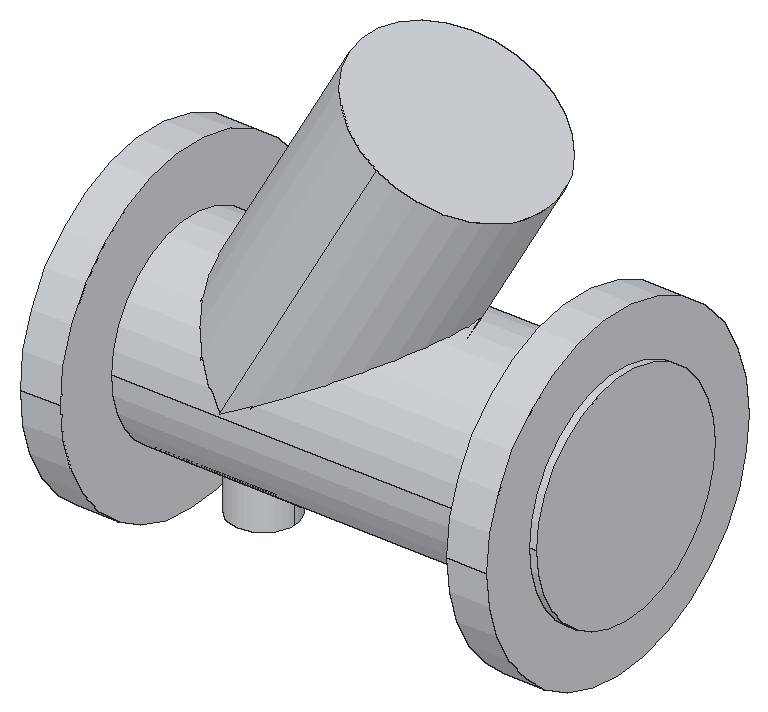
Revit family "HS 821-síto_jemné-PN25-DN125-RFA_2018", category Pipe Accessories, Revit 2018
Family settings
  Round Connector Dimension = Use Diameter
  Part Type = Breaks Into
  Work Plane-Based = No
  Always vertical = Yes
  Cut with Voids When Loaded = No
  Shared = No
Parameters (values of type "821D-DN125-PN25-síto_jemné")
  magiProductId = "77cc98d60da24855999a22dff726b2"
  magiProductFamilyId = "79214ac3aaa945e397802f559f5c1e"
  magiPartTypeId = 307
  isMeasuringValve [instance] = no
  ang2D [instance] = 0.00°
  ZB__ve = -ZB  # -42.5 mm
  ZB1 = 74.52 mm
  ZB = 42.5 mm
  X2 = 131.888 mm
  X1 = 56 mm
  W2D = 15 mm
  VersionID = "2.0/2017.9.26.1/ZETKAMA_821_001"
  Use Minimum Symbol Size [instance] = yes
  URL = "www.hydronic.cz"
  Type Comments = "Filtr přírubový; síto jemné; A-PN16 (-10~300°C); D-PN25 (-10~350°C); F-PN40 (-10~400°C)"
  S = 184 mm
  QmdConnectorList = "301;D;302;D"
  Productdata [instance] = ""
  Manufacturer = "Hydronic Systems Prague s.r.o."
  MC Product Code = "210 291 (821D; DN125; PN25; kvs268,8; oko síta 0,63mm)"
  LM1 = 32 mm
  LM = 320 mm
  L4 = 100 mm
  L2D_Min = 3048 mm
  L2D = 130 mm
  L2 = 200 mm
  HH2 = 228.438 mm
  FD = 270 mm
  Description = "Filtr přírubový; síto jemné; 821A-PN16; 821D-PN25; 821F-PN40"
  DM1 = 165 mm
  DM = 165.6 mm
  D = 125 mm
  CC = 6.8 mm
  CAT0 = yes
  C1 = 33.2 mm
  C = 40 mm
  BD = 52.164 mm
Types (40, lengths in mm): name | magiProductId | ZB__ve | ZB1 | ZB | X2 | X1 | S | MC Product Code | LM1 | LM | L4 | L2 | HH2 | FD | DM1 | DM | D | CC | C1 | C | BD
  821A-DN015-PN16-síto_jemné | "a71bcfe8b393460598b23e8ddf7dc5" | -16.25 | 18.63 | 16.25 | 46.982 | 18.2 | 46 | "210 115 (821A; DN015; PN16; kvs6,2; oko síta 0,63mm)" | 10.4 | 104 | 32.5 | 65 | 81.375 | 95 | 27.6 | 41.4 | 15 | 2.21 | 10.79 | 13 | 13.041
  821A-DN020-PN16-síto_jemné | "41cd6c7a12924f4991217528336076" | -17.75 | 22.68 | 17.75 | 51.673 | 21 | 56 | "210 120 (821A; DN020; PN16; kvs9,6; oko síta 0,63mm)" | 12 | 120 | 37.5 | 75 | 89.5 | 105 | 33.6 | 50.4 | 20 | 2.55 | 12.45 | 15 | 15.876
  821A-DN025-PN16-síto_jemné | "be378b463ed14c3abf4c9b3ae8cf3a" | -19.25 | 26.325 | 19.25 | 58.601 | 22.4 | 65 | "210 125 (821A; DN025; PN16; kvs14,2; oko síta 0,63mm)" | 12.8 | 128 | 40 | 80 | 101.5 | 115 | 43.2 | 58.5 | 25 | 2.72 | 13.28 | 16 | 18.427
  821A-DN032-PN16-síto_jemné | "227a0d18b21540afabe8b6067d35fa" | -23 | 30.78 | 23 | 68.849 | 25.2 | 76 | "210 132 (821A; DN032; PN16; kvs23,1; oko síta 0,63mm)" | 14.4 | 144 | 45 | 90 | 119.25 | 140 | 50.4 | 68.4 | 32 | 3.06 | 14.94 | 18 | 21.546
  821A-DN040-PN16-síto_jemné | "d106917c74724141a10440112d0102" | -24.5 | 34.02 | 24.5 | 75.777 | 28 | 84 | "210 140 (821A; DN040; PN16; kvs36,6; oko síta 0,63mm)" | 16 | 160 | 50 | 100 | 131.25 | 150 | 60 | 75.6 | 40 | 3.4 | 16.6 | 20 | 23.814
  821A-DN050-PN16-síto_jemné | "8255d456a09e4f6486734f5dd9171b" | -26.75 | 40.095 | 26.75 | 79.061 | 32.2 | 99 | "210 150 (821A; DN050 PN16; kvs53,7; oko síta 0,63mm)" | 18.4 | 184 | 57.5 | 115 | 136.938 | 165 | 73.8 | 89.1 | 50 | 3.91 | 19.09 | 23 | 28.066
  821A-DN065-PN16-síto_jemné | "235b1b3e4c0843779a4d5e3716d40a" | -29.75 | 47.79 | 29.75 | 86.927 | 40.6 | 118 | "210 165 (821A; DN065; PN16; kvs95,1; oko síta 0,63mm)" | 23.2 | 232 | 72.5 | 145 | 150.562 | 185 | 94.2 | 106.2 | 65 | 4.93 | 24.07 | 29 | 33.453
  821A-DN080-PN16-síto_jemné | "a067f7c5236348ed8c820d16df7214" | -32 | 53.46 | 32 | 104.753 | 43.4 | 132 | "210 180 (821A; DN080; PN16; kvs137,1; oko síta 0,63mm)" | 24.8 | 248 | 77.5 | 155 | 181.438 | 200 | 107.4 | 118.8 | 80 | 5.27 | 25.73 | 31 | 37.422
  821A-DN100-PN16-síto_jemné | "c49a648c2747461285837d643703cd" | -35 | 63.18 | 35 | 114.857 | 49 | 156 | "210 190 (821A; DN100; PN16; kvs206,4; oko síta 0,63mm)" | 28 | 280 | 87.5 | 175 | 198.937 | 220 | 131.4 | 140.4 | 100 | 5.95 | 29.05 | 35 | 44.226
  821A-DN125-PN16-síto_jemné | "bf68e728a163493cbd2a663b26ebdc" | -39.5 | 74.52 | 39.5 | 131.888 | 56 | 184 | "210 191 (821A; DN125; PN16; kvs268,8; oko síta 0,63mm)" | 32 | 320 | 100 | 200 | 228.438 | 250 | 165 | 165.6 | 125 | 6.8 | 33.2 | 40 | 52.164
  821A-DN150-PN16-síto_jemné | "2de770284b654863ae6bc865769dc5" | -44.75 | 85.455 | 44.75 | 155.885 | 67.2 | 211 | "210 192 (821A; DN150; PN16; kvs401,4; oko síta 0,63mm)" | 38.4 | 384 | 120 | 240 | 270 | 285 | 192 | 189.9 | 150 | 8.16 | 39.84 | 48 | 59.818
  821A-DN200-PN16-síto_jemné | "8e5693371ab64aabb29a7f08c76e15" | -53 | 107.73 | 53 | 188.361 | 84 | 266 | "210 193 (821A; DN200; PN16; kvs706,7; oko síta 0,63mm)" | 48 | 480 | 150 | 300 | 326.25 | 340 | 252 | 239.4 | 200 | 10.2 | 49.8 | 60 | 75.411
  821A-DN250-PN16-síto_jemné | "05e37ed948c34047acdd4c42556504" | -62.75 | 129.195 | 62.75 | 255.911 | 102.2 | 319 | "210 194 (821A; DN250; PN16; kvs1229,4; oko síta 0,63mm)" | 58.4 | 584 | 182.5 | 365 | 443.25 | 405 | 309.6 | 287.1 | 250 | 12.41 | 60.59 | 73 | 90.436
  821A-DN300-PN16-síto_jemné | "9ad0af747269428da925480d83ce80" | -71 | 149.85 | 71 | 325.914 | 119 | 370 | "210 195 (821A; DN300; PN16; kvs1902,4; oko síta 0,63mm)" | 68 | 680 | 212.5 | 425 | 564.5 | 460 | 369.6 | 333 | 300 | 14.45 | 70.55 | 85 | 104.895
  821A-DN350-PN16-síto_jemné | "eebc71459bb3451bb4355e7951370a" | -80 | 173.745 | 80 | 356.875 | 137.2 | 429 | "200 196 (821A; DN350; PN16; kvs2611,0; oko síta 0,63mm)" | 78.4 | 784 | 245 | 490 | 618.125 | 520 | 438 | 386.1 | 350 | 16.66 | 81.34 | 98 | 121.621
  821A-DN400-PN16-síto_jemné | "d2f677cb196647e385b2590e7d8abe" | -89 | 194.4 | 89 | 392.237 | 154 | 480 | "210 197 (821A; DN400; PN16; kvs3438,4; oko síta 0,63mm)" | 88 | 880 | 275 | 550 | 679.375 | 580 | 498 | 432 | 400 | 18.7 | 91.3 | 110 | 136.08
  821D-DN015-PN25-síto_jemné | "27ddcbf555414f8ca1fde329bf9087" | -16.25 | 18.63 | 16.25 | 46.982 | 18.2 | 46 | "210 215 (821D; DN015; PN25; kvs6,2; oko síta 0,63mm)" | 10.4 | 104 | 32.5 | 65 | 81.375 | 95 | 27.6 | 41.4 | 15 | 2.21 | 10.79 | 13 | 13.041
  821D-DN020-PN25-síto_jemné | "270e0f14012f47189cd0235c18faee" | -17.75 | 22.68 | 17.75 | 51.673 | 21 | 56 | "210 220 (821D; DN020; PN25; kvs9,6; oko síta 0,63mm)" | 12 | 120 | 37.5 | 75 | 89.5 | 105 | 33.6 | 50.4 | 20 | 2.55 | 12.45 | 15 | 15.876
  821D-DN025-PN25-síto_jemné | "b9a7fb4aa36643878c637d8e1ab992" | -19.25 | 26.325 | 19.25 | 58.601 | 22.4 | 65 | "210 225 (821D; DN025; PN25; kvs14,2; oko síta 0,63mm)" | 12.8 | 128 | 40 | 80 | 101.5 | 115 | 43.2 | 58.5 | 25 | 2.72 | 13.28 | 16 | 18.427
  821D-DN032-PN25-síto_jemné | "6be9a55c4e68400f94eec7e804204c" | -23 | 30.78 | 23 | 68.849 | 25.2 | 76 | "210 232 (821D; DN032; PN25; kvs23,1; oko síta 0,63mm)" | 14.4 | 144 | 45 | 90 | 119.25 | 140 | 50.4 | 68.4 | 32 | 3.06 | 14.94 | 18 | 21.546
  821D-DN040-PN25-síto_jemné | "c54511bd7f584ec2984291479612cb" | -24.5 | 34.02 | 24.5 | 75.777 | 28 | 84 | "210 240 (821D; DN040; PN25; kvs36,6; oko síta 0,63mm)" | 16 | 160 | 50 | 100 | 131.25 | 150 | 60 | 75.6 | 40 | 3.4 | 16.6 | 20 | 23.814
  821D-DN050-PN25-síto_jemné | "5483b1f596b04cd39b23a14a22c90e" | -26.75 | 40.095 | 26.75 | 79.061 | 32.2 | 99 | "210 250 (821D; DN050; PN25; kvs53,7; oko síta 0,63mm)" | 18.4 | 184 | 57.5 | 115 | 136.938 | 165 | 73.8 | 89.1 | 50 | 3.91 | 19.09 | 23 | 28.066
  821D-DN065-PN25-síto_jemné | "767b0f8318e94750bc7a9930ed5b30" | -29.75 | 47.79 | 29.75 | 86.927 | 40.6 | 118 | "210 265 (821D; DN065; PN25; kvs95,1; oko síta 0,63mm)" | 23.2 | 232 | 72.5 | 145 | 150.562 | 185 | 94.2 | 106.2 | 65 | 4.93 | 24.07 | 29 | 33.453
  821D-DN080-PN25-síto_jemné | "e21040fa3cc2404b858198f6b73709" | -32 | 53.46 | 32 | 104.753 | 43.4 | 132 | "210 280 (821D; DN080; PN25; kvs137,1; oko síta 0,63mm)" | 24.8 | 248 | 77.5 | 155 | 181.438 | 200 | 107.4 | 118.8 | 80 | 5.27 | 25.73 | 31 | 37.422
  821D-DN100-PN25-síto_jemné | "175ca87a506b40b3bc6b82f12f33cf" | -37.25 | 63.18 | 37.25 | 114.857 | 49 | 156 | "210 290 (821D; DN100; PN25; kvs206,4; oko síta 0,63mm)" | 28 | 280 | 87.5 | 175 | 198.937 | 235 | 131.4 | 140.4 | 100 | 5.95 | 29.05 | 35 | 44.226
  821D-DN125-PN25-síto_jemné | "77cc98d60da24855999a22dff726b2" | -42.5 | 74.52 | 42.5 | 131.888 | 56 | 184 | "210 291 (821D; DN125; PN25; kvs268,8; oko síta 0,63mm)" | 32 | 320 | 100 | 200 | 228.438 | 270 | 165 | 165.6 | 125 | 6.8 | 33.2 | 40 | 52.164
  821D-DN150-PN25-síto_jemné | "9cf8acfcd15547d68e83172d3abcbe" | -47 | 85.455 | 47 | 155.885 | 67.2 | 211 | "210 292 (821D; DN150; PN25; kvs401,4; oko síta 0,63mm)" | 38.4 | 384 | 120 | 240 | 270 | 300 | 192 | 189.9 | 150 | 8.16 | 39.84 | 48 | 59.818
  821D-DN200-PN25-síto_jemné | "16973f3c9ea14389ba8602495a6b64" | -56 | 110.97 | 56 | 188.361 | 84 | 274 | "210 293 (821D; DN200; PN25; kvs706,7; oko síta 0,63mm)" | 48 | 480 | 150 | 300 | 326.25 | 360 | 252 | 246.6 | 200 | 10.2 | 49.8 | 60 | 77.679
  821F-DN015-PN40-síto_jemné | "4c7eaf3c4c0340888b3e684d8a8616" | -16.25 | 18.225 | 16.25 | 46.982 | 18.2 | 45 | "250 615 (821F; DN015; PN40; kvs6,2; oko síta 0,63mm)" | 10.4 | 104 | 32.5 | 65 | 81.375 | 95 | 27.6 | 40.5 | 15 | 2.21 | 10.79 | 13 | 12.757
  821F-DN020-PN40-síto_jemné | "aaac5f1ec96b44d6ba96ac2293d66d" | -17.75 | 23.49 | 17.75 | 51.673 | 21 | 58 | "250 620 (821F; DN020; PN40; kvs9,6; oko síta 0,63mm)" | 12 | 120 | 37.5 | 75 | 89.5 | 105 | 33.6 | 52.2 | 20 | 2.55 | 12.45 | 15 | 16.443
  821F-DN025-PN40-síto_jemné | "504768023968471481789485b54c7e" | -19.25 | 27.54 | 19.25 | 58.601 | 22.4 | 68 | "250 625 (821F; DN025; PN40; kvs14,2; oko síta 0,63mm)" | 12.8 | 128 | 40 | 80 | 101.5 | 115 | 43.2 | 61.2 | 25 | 2.72 | 13.28 | 16 | 19.278
  821F-DN032-PN40-síto_jemné | "165e7f39cf744f329bdf1c400dad12" | -23 | 31.59 | 23 | 68.849 | 25.2 | 78 | "250 632 (821F; DN032; PN40; kvs23,1; oko síta 0,63mm)" | 14.4 | 144 | 45 | 90 | 119.25 | 140 | 50.4 | 70.2 | 32 | 3.06 | 14.94 | 18 | 22.113
  821F-DN040-PN40-síto_jemné | "b8903f952089408fbf3a5a632bab1f" | -24.5 | 35.64 | 24.5 | 75.777 | 28 | 88 | "250 640 (821F; DN040; PN40; kvs36,6; oko síta 0,63mm)" | 16 | 160 | 50 | 100 | 131.25 | 150 | 60 | 79.2 | 40 | 3.4 | 16.6 | 20 | 24.948
  821F-DN050-PN40-síto_jemné | "c451f97266fe48da8f879cb6a2bd44" | -26.75 | 41.31 | 26.75 | 79.061 | 32.2 | 102 | "250 650 (821F; DN050; PN40; kvs53,7; oko síta 0,63mm)" | 18.4 | 184 | 57.5 | 115 | 136.938 | 165 | 73.8 | 91.8 | 50 | 3.91 | 19.09 | 23 | 28.917
  821F-DN065-PN40-síto_jemné | "dc9821e3f9b34e128f6a8c6b34c198" | -29.75 | 49.41 | 29.75 | 86.927 | 40.6 | 122 | "250 665 (821F; DN065; PN40; kvs95,1; oko síta 0,63mm)" | 23.2 | 232 | 72.5 | 145 | 150.562 | 185 | 94.2 | 109.8 | 65 | 4.93 | 24.07 | 29 | 34.587
  821F-DN080-PN40-síto_jemné | "689aa1e260f84cf4994f027a1d86b5" | -32 | 55.89 | 32 | 104.753 | 43.4 | 138 | "250 680 (821F; DN080; PN40; kvs137,1; oko síta 0,63mm)" | 24.8 | 248 | 77.5 | 155 | 181.438 | 200 | 107.4 | 124.2 | 80 | 5.27 | 25.73 | 31 | 39.123
  821F-DN100-PN40-síto_jemné | "8a45d4e8e2ab425f8c432f21d684f3" | -37.25 | 65.61 | 37.25 | 114.857 | 49 | 162 | "250 690 (821F; DN100; PN40; kvs206,4; oko síta 0,63mm)" | 28 | 280 | 87.5 | 175 | 198.937 | 235 | 131.4 | 145.8 | 100 | 5.95 | 29.05 | 35 | 45.927
  821F-DN125-PN40-síto_jemné | "cf073904c006406b8645afa67ea2fc" | -42.5 | 76.14 | 42.5 | 131.888 | 56 | 188 | "250 691 (821F; DN125; PN40; kvs268,8; oko síta 0,63mm)" | 32 | 320 | 100 | 200 | 228.438 | 270 | 165 | 169.2 | 125 | 6.8 | 33.2 | 40 | 53.298
  821F-DN150-PN40-síto_jemné | "0153b9ddabe14992a630484929fdbc" | -47 | 88.29 | 47 | 155.885 | 67.2 | 218 | "250 692 (821F; DN150; PN40; kvs401,4; oko síta 0,63mm)" | 38.4 | 384 | 120 | 240 | 270 | 300 | 192 | 196.2 | 150 | 8.16 | 39.84 | 48 | 61.803
  821F-DN200-PN40-síto_jemné | "7fb3fc01dd8d42428c203e3f8dd4d5" | -56 | 115.425 | 56 | 188.361 | 84 | 285 | "250 693 (821F; DN200; PN40; kvs706,7; oko síta 0,63mm)" | 48 | 480 | 150 | 300 | 326.25 | 360 | 252 | 256.5 | 200 | 10.2 | 49.8 | 60 | 80.797
Reference planes
  plane 1 "Center (Front/Back)": y = 0
  plane 2 "XYPLANE": z = 0
  plane 3 "Center (Left/Right)": x = 0
  plane 4 "109": x = -128
  plane 5 "108": x = 160
  plane 6 "107": x = -160
  plane 7 "105": x = 200
  plane 8 "104": x = -200
  plane 9 "103": y = 0
  plane 10 "102": z = 0
  plane 11 "101": x = -193.2
  plane 12 "100": x = 193.2
  plane 13 "11": x = -72
  plane 14 "10": z = 228.438
  plane 15 "9": x = 59.888
  plane 16 "5": z = -74.52
  plane 17 "4": x = -100
  plane 18 "1": x = 100
Forms (mm)
  Extrusion 1, solid, visible <- "CAT0"
    sketch origin (-160, -750, 0) x (0, 1, 0) y (0, 0, 1)
      loop
        circle (750, 0) r 82.8
    from 0 to 320 <- "LM"
  Extrusion 2, solid
    sketch origin (-200, -750, 0) x (0, 1, 0) y (0, 0, 1)
      loop
        circle (750, 0) r 92
    from 0 to 6.8 <- "CC"
  Extrusion 3, solid
    sketch origin (-193.2, -750, 0) x (0, 1, 0) y (0, 0, 1)
      loop
        circle (750, 0) r 135
    from 0 to 33.2 <- "C1"
  Extrusion 4, solid
    sketch origin (160, -750, 0) x (0, 1, 0) y (0, 0, 1)
      loop
        circle (750, 0) r 135
    from 0 to 33.2 <- "C1"
  Extrusion 5, solid
    sketch origin (193.2, -750, 0) x (0, 1, 0) y (0, 0, 1)
      loop
        circle (750, 0) r 92
    from 0 to 6.8 <- "CC"
  Sweep 6, solid, visible <- "CAT0"
    path origin (750, 0, 0) x (-1, 0, 0) y (0, 0, 1)
      loop
        line (910, 0) -> (822, 0) -> (690.112, 228.438)
    profile origin (-160, 0, 0) x (0, 0, -1) y (0, 1, 0)
      loop
        circle (0, 0) r 82.5
  Extrusion 7, solid, visible <- "CAT0"
    sketch origin (-750, 0, -74.52) x (1, 0, 0) y (0, 1, 0)
      loop
        circle (650, 0) r 26.082
    from 0 to -42.5 <- "ZB__ve"
  Extrusion 8, solid, visible <- "CAT0"
    sketch origin (-750, 0, -74.52) x (1, 0, 0) y (0, 1, 0)
      loop
        circle (850, 0) r 26.082
    from 0 to -42.5 <- "ZB__ve"
  Extrusion 9, solid, not visible
    sketch origin (200, -750, 0) x (0, 1, 0) y (0, 0, 1)
      loop
        circle (750, 0) r 10
    from 0 to -10
  Extrusion 10, solid, not visible
    sketch origin (-200, -750, 0) x (0, 1, 0) y (0, 0, 1)
      loop
        circle (750, 0) r 10
    from 0 to 10
Lines and regions (mm)
  reference lines, not visible
    curve 1: circle (2, 2, 0) r 1 normal (0, 0, 1)
Dimensions and locks
  plane 1 "Center (Front/Back)" to curve 1 = 2 mm
  "LM1": plane 6 "107" to plane 4 "109"
  "LM": plane 6 "107" to plane 5 "108"
  "C": plane 8 "104" to plane 6 "107"
  "L2": plane 3 "Center (Left/Right)" to plane 7 "105"
  "L2": plane 3 "Center (Left/Right)" to plane 8 "104"
  locked: plane 1 "Center (Front/Back)" to plane 9 "103"
  locked: plane 2 "XYPLANE" to plane 10 "102"
  "CC": plane 8 "104" to plane 11 "101"
  "C1": plane 5 "108" to plane 12 "100"
  "X1": plane 4 "109" to plane 13 "11"
  "HH2": plane 2 "XYPLANE" to plane 14 "10"
  "X2": plane 13 "11" to plane 15 "9"
  "ZB1": plane 2 "XYPLANE" to plane 16 "5"
  "L4": plane 8 "104" to plane 17 "4"
  "L2": plane 17 "4" to plane 18 "1"
  Sweep 6 sketch curve to Sweep 6 sketch curve = 0 mm  (x2)
  "DM": diameter of Extrusion 1 sketch curve
  "S": diameter of Extrusion 2 sketch curve
  "FD": diameter of Extrusion 3 sketch curve
  "FD": diameter of Extrusion 4 sketch curve
  "S": diameter of Extrusion 5 sketch curve
  "DM1": diameter of Sweep 6 sketch curve
  "BD": diameter of Extrusion 7 sketch curve
  "BD": diameter of Extrusion 8 sketch curve
  aligned and locked: level to plane 2 "XYPLANE"
  aligned and locked: Extrusion 1 sketch curve to plane 9 "103"
  aligned and locked: plane 10 "102" to Extrusion 1 sketch curve
  aligned and locked: Extrusion 2 sketch curve to plane 9 "103"
  aligned and locked: plane 10 "102" to Extrusion 2 sketch curve
  aligned and locked: Extrusion 3 sketch curve to plane 9 "103"
  aligned and locked: plane 10 "102" to Extrusion 3 sketch curve
  aligned and locked: Extrusion 4 sketch curve to plane 9 "103"
  aligned and locked: plane 10 "102" to Extrusion 4 sketch curve
  aligned and locked: Extrusion 5 sketch curve to plane 9 "103"
  aligned and locked: plane 10 "102" to Extrusion 5 sketch curve
  aligned and locked: Sweep 6 sketch curve to plane 9 "103"
  aligned and locked: plane 10 "102" to Sweep 6 sketch curve  (x3)
  aligned and locked: plane 6 "107" to Sweep 6 sketch curve
  aligned and locked: plane 13 "11" to Sweep 6 sketch curve
  aligned and locked: plane 14 "10" to Sweep 6 sketch curve
  aligned and locked: plane 15 "9" to Sweep 6 sketch curve
  aligned and locked: plane 9 "103" to Extrusion 7 sketch curve
  aligned and locked: plane 17 "4" to Extrusion 7 sketch curve
  aligned and locked: plane 9 "103" to Extrusion 8 sketch curve
  aligned and locked: plane 18 "1" to Extrusion 8 sketch curve
  aligned and locked: Extrusion 9 sketch curve to plane 9 "103"
  aligned and locked: plane 10 "102" to Extrusion 9 sketch curve
  aligned and locked: Extrusion 10 sketch curve to plane 9 "103"
  aligned and locked: plane 10 "102" to Extrusion 10 sketch curve
Automatic sketch dimensions
  plane 1 "Center (Front/Back)" to Extrusion 9 sketch curve = 10 mm
  plane 1 "Center (Front/Back)" to Extrusion 10 sketch curve = 10 mm
  plane 3 "Center (Left/Right)" to curve 1 = 2 mm
  radius of curve 1 = 1 mm
Connectors
  piping at (-200, 0, 0), diameter 125, driven by "D"
    settings: on Extrusion 10, index 1, connector inside diameter 609.6 mm, connector length 0 mm, flow factor 0, pipe flow 0.0 L/s, pressure drop 0.0 Pa, fitting loss kfactor 0, connector angle 0.00°, fixture units 0, engagement length 0 mm, angle of deflection 0.00°, flow configuration 0, flow direction 0, fitting loss method 0, system type 29, joint type 0, gender type 0, connector reference index 2, connector utility 0, adjustable connector no, is connector primary yes, connector description ""
  piping at (200, 0, 0), diameter 125, driven by "D"
    settings: on Extrusion 9, index 2, connector inside diameter 609.6 mm, connector length 0 mm, flow factor 0, pipe flow 0.0 L/s, pressure drop 0.0 Pa, fitting loss kfactor 0, connector angle 0.00°, fixture units 0, engagement length 0 mm, angle of deflection 0.00°, flow configuration 0, flow direction 0, fitting loss method 0, system type 29, joint type 0, gender type 0, connector reference index 1, connector utility 0, adjustable connector no, is connector primary no, connector description ""
